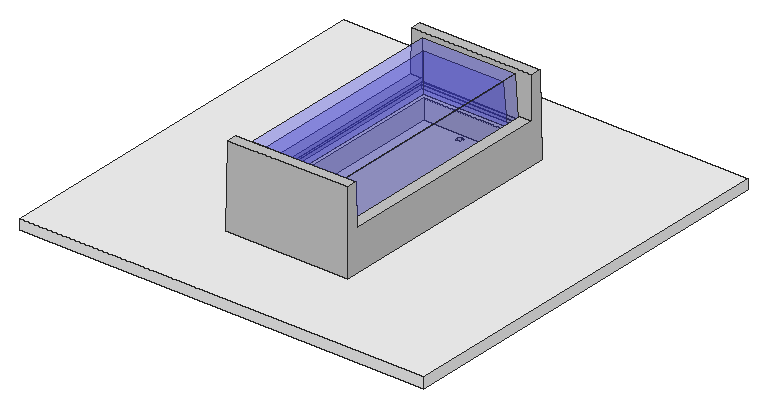
Revit family "BE_24342_de_DE", category Leuchten, Revit 2020
Family settings
  Basisbauteil = Fläche
  Bemaßung runder Anschluss = Durchmesser verwenden
  Teiletyp = Normal
  Beim Laden mit Abzugskörper schneiden = Ja
  Lichtquelle = Ja
  Gemeinsam genutzt = Nein
  Raumberechnungspunkt = Ja
Parameters (values of type "BEGA_24342_Grafit_K3")
  built-in parameter 1150104 = 17.029 (stored number, unit not read)
  Wattage = 5.7 W
  Default Elevation = 0 mm
  built-in parameter 1150113 = 1 (stored number, unit not read)
  built-in parameter 1114218 = 1 (stored number, unit not read)
  Umgebungstemperatur = "25 °C"
  URL = "https://www.bega.com/de/produkt/24342"
  Typenkommentare = "© 2022 BEGA. Wir behalten uns das Recht vor, technische Änderungen ohne vorherige Ankündigung vorzunehmen."  # constant formula
  Type Image = 24342.png
  built-in parameter 1150134 = (empty or 0)
  built-in parameter 1150109 = 1 (stored number, unit not read)
  Strom = ""
  built-in parameter 1150110 = 1 (stored number, unit not read)
  Spannung = 239.996 V
  Sonderanfertigung = no
  Seriennummer [instance] = "Hier können Sie die eindeutige Seriennummer für das Facility Management eintragen."
  Schutzklasse = "I"
  Schutzart = "IP 65"
  Scheinlast = 0 VA
  Produktdatenblatt = "https://cdn.bega.com/bega/products/24342K3/current/documents/data-sheets/de"
  Oberflächentemperatur = ""
  Neigungswinkel = 0.00°
  Modell = "24342K3"
  Material_17 = BEGA_Reflektor
  Material_15 = BEGA_Leuchtmedium_matt
  Material_11 = BEGA_Glas_opal
  Material_09 = BEGA_Glas_klar
  Material_06 = BEGA_Oberfläche_Edelstahl_gebürstet
  Material_03 = BEGA_Oberfläche_Weiss_matt
  Material_02 = BEGA_Oberfläche_Silber_matt
  Material_01 [instance] = BEGA_Oberfläche_Grafit_matt
  M_W = no
  M_G = yes
  M_A = no
  Logo = 0
  built-in parameter 1114217 = 1 (stored number, unit not read)
  built-in parameter 1150139 = (empty or 0)
  built-in parameter 1150105 = 83.143 (stored number, unit not read)
  built-in parameter 1150114 = 1 (stored number, unit not read)
  Lumens = 1044.81 lm
  built-in parameter 1150115 = 1 (stored number, unit not read)
  Leuchtenlichtstrom = "640 lm"
  Leuchtenanzahl = ""
  Lebensdauerkriterien = "L70B50 @ 25 °C = 170000 h"
  Lastklassifizierung = Beleuchtung
  built-in parameter 1150112 = 1 (stored number, unit not read)
  Lampenlichtstrom = "1045 lm"
  Lampe = "LED 5.7 W"
  LED_Modulbezeichnung = "LED-0995/830"
  built-in parameter 1150142 = (empty or 0)
  Hersteller = "BEGA"  # constant formula
  Halbstreuwinkel = ""
  Gewicht = "2.0 kg"
  Gebrauchslageneinschränkung [instance] = ""
  Frequenz = "0/50-60 Hz"
  Farbwiedergabeindex = "CRI > 80"
  Farbtemperaturverschiebung bei Dämpfen der Lampe = <Keine Auswahl>
  Farbtemperatur = "3000 K"
  Color Filter = 16777215
  built-in parameter 1150133 = 10 (stored number, unit not read)
  Energieeffizienzklasse = "LED A++ - A"
  built-in parameter 1150137 = (empty or 0)
  built-in parameter 1150132 = (empty or 0)
  ENEC = "ja"
  Datei für fotometrisches Netz = "BE_24342K3.IES"
  CE_Konformität = "ja"
  Bestellnummer = "24342K3"
  Beschreibung_Sonderanfertigung = "Hier können Sie Informationen zur Sonderanfertigung eintragen."
  Beschreibung = "Wandleuchte"
  built-in parameter 1150106 = 0.83143 (stored number, unit not read)
  Befestigungsbohrung = "Ø 4,8 mm"
  Befestigungsabstand = "188 mm"
  Ballwurfsicher = ""
  BEGA_Intern_aus = yes
  BEGA_Intern_an = yes
  BEGA_Intern_Konstruktion = yes
  BEGA_Intern = yes
  BEGA_IES = yes
  BEGA_Dummy = no
  Anschlussleitung = ""
  Anschlussleistung [instance] = "6.8 W"
  built-in parameter 1150107 = 3000 (stored number, unit not read)
  built-in parameter 1150102 = (empty or 0)
  built-in parameter 1150138 = (empty or 0)
  Aktualisierung = "2022-05-18T04:00:07"
  Abstand_zur_angestrahlten_Fläche [instance] = ""
  AC/DC = "AC/DC"
Types (4, lengths in mm): name | built-in parameter 1150104 | built-in parameter 1150134 | Modell | M_G | M_A | built-in parameter 1150105 | Lumens | Leuchtenlichtstrom | Lampenlichtstrom | LED_Modulbezeichnung | Farbtemperatur | Datei für fotometrisches Netz | Bestellnummer | built-in parameter 1150106 | built-in parameter 1150107
  BEGA_24342_Grafit_K4 | 17.93 (stored number, unit not read) | 12 | "24342K4" | yes | no | 87.543 (stored number, unit not read) | 1100.1 lm | "674 lm" | "1100 lm" | "LED-0995/840" | "4000 K" | "BE_24342K4.IES" | "24342K4" | 0.87543 (stored number, unit not read) | 4000 (stored number, unit not read)
  BEGA_24342_Grafit_K3 | 17.029 (stored number, unit not read) | (empty or 0) | "24342K3" | yes | no | 83.143 (stored number, unit not read) | 1044.81 lm | "640 lm" | "1045 lm" | "LED-0995/830" | "3000 K" | "BE_24342K3.IES" | "24342K3" | 0.83143 (stored number, unit not read) | 3000 (stored number, unit not read)
  BEGA_24342_Silber_K4 | 17.93 (stored number, unit not read) | 12 | "24342AK4" | no | yes | 87.543 (stored number, unit not read) | 1100.1 lm | "674 lm" | "1100 lm" | "LED-0995/840" | "4000 K" | "BE_24342K4.IES" | "24342AK4" | 0.87543 (stored number, unit not read) | 4000 (stored number, unit not read)
  BEGA_24342_Silber_K3 | 17.029 (stored number, unit not read) | (empty or 0) | "24342AK3" | no | yes | 83.143 (stored number, unit not read) | 1044.81 lm | "640 lm" | "1045 lm" | "LED-0995/830" | "3000 K" | "BE_24342K3.IES" | "24342AK3" | 0.83143 (stored number, unit not read) | 3000 (stored number, unit not read)
Reference planes
  plane 1 "Mitte (Vorne/Hinten)": y = 0
  plane 2: z = 0
  plane 3 "Mitte (Links/Rechts)": x = 0
  plane 4 "Links": x = -60.4
  plane 5 "Rechts": x = 60.4
  plane 6 "Unten": y = -120
  plane 7 "Oben": y = 120
  plane 8 "Vorne": z = 83
  plane 9 "Hinten": z = 0
Forms (mm)
  Extrusion 1, solid, material "BEGA_Platte_Weiss"
    sketch origin (0, -1119.2, 0) x (1, 0, 0) y (0, 1, 0)
      loop
        line (-200, 1319.2) -> (-200, 919.2) -> (200, 919.2) -> (200, 1319.2) -> (-200, 1319.2)
    from 0 to -10
  Extrusion 2, solid, material "BEGA_Dummy_matt", visible <- "BEGA_Dummy"
    sketch origin (80.095, -76.023, 0) x (1, 0, 0) y (0, 1, 0)
      loop
        line (-140.495, 196.023) -> (-140.495, -43.977) -> (-19.695, -43.977) -> (-19.695, 196.023) -> (-140.495, 196.023)
    from 0 to 83
Dimensions and locks
  plane 1 "Mitte (Vorne/Hinten)" to Extrusion 1 = 200 mm
  aligned and locked: plane 2 to Extrusion 1
  aligned and locked: level to Extrusion 1
Nested families
  nested 1: "BE_24342" at (0, 0, 0), type "BE_24342"
Connectors
  electrical at (0, 0, 0), driven by "Lastklassifizierung", driven by "Spannung", driven by "Scheinlast"
    settings: index 1, voltage 239.996 V, apparent load 0 VA, apparent load phase1 0 VA, apparent load phase2 0 VA, apparent load phase3 0 VA, power factor 1, load classification "Beleuchtung", number of poles 1, system type 31, power factor state 1, is connector primary yes, connector utility no, sub classification motor no, connector description ""
Definition of nested family "BE_24342"
  Parameters (values of type "BE_24342")
    Default Elevation = 1 mm
    URL = "http://www.bega.de/de/produkt"
    Type Comments = "© 2015 BEGA. Wir behalten uns das Recht vor, technische Änderungen ohne vorherige Ankündigung vorzunehmen. "  # constant formula
    Type Image = (empty or 0)
    Neigungswinkel_um_Z2 = 0.00°
    Neigungswinkel_um_Z1 = 0.00°
    Neigungswinkel_um_Y2 = 0.00°
    Neigungswinkel_um_Y1 = 0.00°
    Neigungswinkel_um_X2 = 0.00°
    Neigungswinkel_um_X1 = 0.00°
    Material_17 = none
    Material_15 = none
    Material_11 = none
    Material_09 = none
    Material_06 = none
    Material_02 = none
    Material_01 = none
    M_W = yes
    M_G = yes
    M_A = yes
    Länge_Platte = 200 mm  # constant formula
    Höhe_Platte = -10 mm  # constant formula
    Manufacturer = "BEGA"  # constant formula
    Drehwinkel_um_Z2 = 0.00°
    Drehwinkel_um_Z1 = 0.00°
    Breite_Platte = 200 mm  # constant formula
  Reference planes
    plane 1 "Mitte (Oben/Unten)": y = 0
    plane 2: z = 0
    plane 3 "Mitte (Links/Rechts)": x = 0
    plane 4 "Vorne": z = 83
    plane 5 "Hinten": z = -35
    plane 6 "Links": x = -60.4
    plane 7 "Rechts": x = 60.4
    plane 8: y = -120
    plane 9: y = 120
  Forms (mm)
    Extrusion 1, solid, detail levels medium
      sketch origin (0, 0, 0) x (1, 0, 0) y (0, 1, 0)
        loop
          line (-100, 100) -> (-100, -100) -> (100, -100) -> (100, 100) -> (-100, 100)
      from 0 to -10 <- "Höhe_Platte"
    Sweep 2, solid, material <- "Material_01", visible <- "M_G"
      path origin (0, 0, 0) x (1, 0, 0) y (0, 1, 0)
        loop
          line (-54.81, 114.41) -> (-54.81, -114.41) -> (54.81, -114.41) -> (54.81, 114.41) -> (-54.81, 114.41)
      profile origin (0, 114.41, 0) x (0, 1, 0) y (0, 0, 1)
        loop
          line (-0.441, 25.29) -> (-0.463, 26.5) -> (-3.27, 26.5) -> (-3.41, 30.5) -> (-13.172, 30.5) -> (-13.853, 11) -> (-49.234, 11) -> (-49.234, 8.6) -> (-11.535, 8.6) -> (-10.994, 24.1) -> (-6.587, 24.1) -> (-5.91, 4.7) -> (-2.564, 4.7) -> (-2.4, 0) -> (0, 0) -> (-0.441, 25.29)
    Extrusion 3, solid, material <- "Material_01", visible <- "M_G"
      sketch origin (0, 0, 0) x (1, 0, 0) y (0, 1, 0)
        loop
          line (-5.576, 65.176) -> (-5.576, -65.176) -> (5.576, -65.176) -> (5.576, 65.176) -> (-5.576, 65.176)
      from 8.6 to 11
    Sweep 4, solid, material <- "Material_11"
      path origin (0, 0, 0) x (1, 0, 0) y (0, 1, 0)
        loop
          line (-54.81, 114.41) -> (-54.81, -114.41) -> (54.81, -114.41) -> (54.81, 114.41) -> (-54.81, 114.41)
      profile origin (0, 114.41, 0) x (0, 1, 0) y (0, 0, 1)
        loop
          line (-2.66, 39.3) -> (-7.16, 39.3) -> (-8.588, 80.2) -> (-47.66, 80.2) -> (-47.66, 73.7) -> (-15.467, 73.7) -> (-13.349, 33.3) -> (-2.66, 33.3) -> (-2.66, 39.3)
    Extrusion 5, solid, material <- "Material_11"
      sketch origin (0, 0, 0) x (1, 0, 0) y (0, 1, 0)
        loop
          line (-7.15, 66.75) -> (-7.15, -66.75) -> (7.15, -66.75) -> (7.15, 66.75) -> (-7.15, 66.75)
      from 73.7 to 80.2
    Sweep 6, solid, material <- "Material_01", visible <- "M_G"
      path origin (0, 0, 0) x (1, 0, 0) y (0, 1, 0)
        loop
          line (-54.81, 114.41) -> (-54.81, -114.41) -> (54.81, -114.41) -> (54.81, 114.41) -> (-54.81, 114.41)
      profile origin (0, 114.41, 0) x (0, 1, 0) y (0, 0, 1)
        loop
          line (-6.379, 39.3) -> (1.439, 39.3) -> (2.39, 3) -> (5.59, 3) -> (4.194, 83) -> (-5.616, 83) -> (-6.379, 39.3)
    Sweep 7, solid, material <- "Material_02", visible <- "M_A"
      path origin (0, 0, 0) x (1, 0, 0) y (0, 1, 0)
        loop
          line (-54.81, 114.41) -> (-54.81, -114.41) -> (54.81, -114.41) -> (54.81, 114.41) -> (-54.81, 114.41)
      profile origin (0, 114.41, 0) x (0, 1, 0) y (0, 0, 1)
        loop
          line (-6.379, 39.3) -> (1.439, 39.3) -> (2.39, 3) -> (5.59, 3) -> (4.194, 83) -> (-5.616, 83) -> (-6.379, 39.3)
    Extrusion 8, void
      sketch origin (0, 0, 0) x (0, 1, 0) y (0, 0, 1)
        loop
          line (108.087, 42.5) -> (108.794, 83) -> (-108.794, 83) -> (-108.087, 42.5) -> (108.087, 42.5)
      from 48.017 to 65.996
    Extrusion 9, void
      sketch origin (0, 0, 0) x (0, 1, 0) y (0, 0, -1)
        loop
          line (108.087, -42.5) -> (-108.087, -42.5) -> (-108.794, -83) -> (108.794, -83) -> (108.087, -42.5)
      from 48.017 to 65.996
    Sweep 10, solid, material <- "Material_02", visible <- "M_A"
      path origin (0, 0, 0) x (1, 0, 0) y (0, 1, 0)
        loop
          line (-54.81, 114.41) -> (-54.81, -114.41) -> (54.81, -114.41) -> (54.81, 114.41) -> (-54.81, 114.41)
      profile origin (0, 114.41, 0) x (0, 1, 0) y (0, 0, 1)
        loop
          line (-0.441, 25.29) -> (-0.463, 26.5) -> (-3.27, 26.5) -> (-3.41, 30.5) -> (-13.172, 30.5) -> (-13.853, 11) -> (-49.234, 11) -> (-49.234, 8.6) -> (-11.535, 8.6) -> (-10.994, 24.1) -> (-6.587, 24.1) -> (-5.91, 4.7) -> (-2.564, 4.7) -> (-2.4, 0) -> (0, 0) -> (-0.441, 25.29)
    Extrusion 11, solid, material <- "Material_02", visible <- "M_A"
      sketch origin (0, 0, 0) x (1, 0, 0) y (0, 1, 0)
        loop
          line (-5.576, 65.176) -> (-5.576, -65.176) -> (5.576, -65.176) -> (5.576, 65.176) -> (-5.576, 65.176)
      from 8.6 to 11
    Extrusion 12, void
      sketch origin (0, 0, 0) x (1, 0, 0) y (0, 1, 0)
        loop
          circle (27.5, 15) r 5.001
        loop
          circle (27.5, -10) r 5.001
      from 2.226 to 17.972
    Extrusion 13, void
      sketch origin (0, 0, 0) x (1, 0, 0) y (0, 1, 0)
        loop
          circle (0, 94) r 2.737
        loop
          circle (0, -94.001) r 2.737
      from 0 to 17.972
  Cuts and joins
    Extrusion 12, Extrusion 13 cuts Sweep 2
    Extrusion 12, Extrusion 13 cuts Extrusion 3
    joined: Sweep 2, Extrusion 3
    Extrusion 8, Extrusion 12, Extrusion 13 cuts Sweep 4
    Extrusion 8, Extrusion 12, Extrusion 13 cuts Extrusion 5
    joined: Sweep 4, Extrusion 5
    Extrusion 8, Extrusion 9 cuts Sweep 6
    Extrusion 8, Extrusion 9 cuts Sweep 7
    Extrusion 12, Extrusion 13 cuts Sweep 10
    Extrusion 12, Extrusion 13 cuts Extrusion 11
    joined: Sweep 10, Extrusion 11
  Dimensions and locks
    equal spacing: Extrusion 1 sketch curve, plane 3 "Mitte (Links/Rechts)", Extrusion 1 sketch curve
    equal spacing: Extrusion 1 sketch curve, plane 1 "Mitte (Oben/Unten)", Extrusion 1 sketch curve
    "Länge_Platte": Extrusion 1 sketch curve to Extrusion 1 sketch curve
    "Breite_Platte": Extrusion 1 sketch curve to Extrusion 1 sketch curve
    aligned and locked: plane 2 to Extrusion 1
    aligned and locked: level to Extrusion 1
  Automatic sketch dimensions
    Sweep 2 sketch curve to plane 3 "Mitte (Links/Rechts)" = 54.81 mm
    plane 3 "Mitte (Links/Rechts)" to Sweep 2 sketch curve = 54.81 mm
    Sweep 2 sketch curve to level = 0 mm
    Sweep 2 sketch curve to profile plane = 0 mm
    profile plane to Sweep 2 sketch curve = 0.463 mm
    profile plane to Sweep 2 sketch curve = 2.4 mm
    profile plane to Sweep 2 sketch curve = 2.564 mm
    Sweep 2 sketch curve to Sweep 2 sketch curve = 2.808 mm
    profile plane to Sweep 2 sketch curve = 3.41 mm
    Sweep 2 sketch curve to Sweep 2 sketch curve = 3.345 mm
    Sweep 2 sketch curve to Sweep 2 sketch curve = 3.317 mm
    Sweep 2 sketch curve to Sweep 2 sketch curve = 4.407 mm
    Sweep 2 sketch curve to Sweep 2 sketch curve = 5.625 mm
    Sweep 2 sketch curve to Sweep 2 sketch curve = 2.178 mm
    Sweep 2 sketch curve to Sweep 2 sketch curve = 2.318 mm
    level to Sweep 2 sketch curve = 8.6 mm
    Sweep 2 sketch curve to Sweep 2 sketch curve = 35.381 mm
    level to Sweep 2 sketch curve = 4.7 mm
    Sweep 2 sketch curve to Sweep 2 sketch curve = 2.4 mm  (x2)
    Sweep 2 sketch curve to Sweep 2 sketch curve = 13.1 mm
    Sweep 2 sketch curve to Sweep 2 sketch curve = 4 mm
    profile plane to Sweep 2 sketch curve = 0.441 mm
    Sweep 2 sketch curve to Sweep 2 sketch curve = 0 mm
    Sweep 2 sketch curve to Sweep 2 sketch curve = 1.21 mm
    Sweep 2 sketch curve to Sweep 2 sketch curve = 0.002 mm
    Extrusion 3 sketch curve to plane 3 "Mitte (Links/Rechts)" = 5.576 mm
    plane 3 "Mitte (Links/Rechts)" to Extrusion 3 sketch curve = 5.576 mm
    plane 1 "Mitte (Oben/Unten)" to Extrusion 3 sketch curve = 65.176 mm
    Extrusion 3 sketch curve to plane 1 "Mitte (Oben/Unten)" = 65.176 mm
    Sweep 4 sketch curve to plane 3 "Mitte (Links/Rechts)" = 54.81 mm
    plane 3 "Mitte (Links/Rechts)" to Sweep 4 sketch curve = 54.81 mm
    profile plane to Sweep 4 sketch curve = 47.66 mm
    profile plane to Sweep 4 sketch curve = 15.467 mm
    profile plane to Sweep 4 sketch curve = 13.349 mm
    profile plane to Sweep 4 sketch curve = 8.588 mm
    profile plane to Sweep 4 sketch curve = 7.16 mm
    profile plane to Sweep 4 sketch curve = 2.66 mm
    level to Sweep 4 sketch curve = 33.3 mm
    Sweep 4 sketch curve to Sweep 4 sketch curve = 6 mm
    Sweep 4 sketch curve to Sweep 4 sketch curve = 40.4 mm
    Sweep 4 sketch curve to Sweep 4 sketch curve = 6.5 mm
    Extrusion 5 sketch curve to plane 3 "Mitte (Links/Rechts)" = 7.15 mm
    plane 3 "Mitte (Links/Rechts)" to Extrusion 5 sketch curve = 7.15 mm
    plane 1 "Mitte (Oben/Unten)" to Extrusion 5 sketch curve = 66.75 mm
    Extrusion 5 sketch curve to plane 1 "Mitte (Oben/Unten)" = 66.75 mm
    Sweep 6 sketch curve to plane 3 "Mitte (Links/Rechts)" = 54.81 mm
    plane 3 "Mitte (Links/Rechts)" to Sweep 6 sketch curve = 54.81 mm
    profile plane to Sweep 6 sketch curve = 6.379 mm
    profile plane to Sweep 6 sketch curve = 5.616 mm
    Sweep 6 sketch curve to profile plane = 1.439 mm
    Sweep 6 sketch curve to profile plane = 2.39 mm
    Sweep 6 sketch curve to profile plane = 4.194 mm
    Sweep 6 sketch curve to Sweep 6 sketch curve = 3.2 mm
    level to Sweep 6 sketch curve = 3 mm
    Sweep 6 sketch curve to Sweep 6 sketch curve = 36.3 mm
    Sweep 6 sketch curve to Sweep 6 sketch curve = 43.7 mm
    Sweep 7 sketch curve to plane 3 "Mitte (Links/Rechts)" = 54.81 mm
    plane 3 "Mitte (Links/Rechts)" to Sweep 7 sketch curve = 54.81 mm
    profile plane to Sweep 7 sketch curve = 6.379 mm
    profile plane to Sweep 7 sketch curve = 5.616 mm
    Sweep 7 sketch curve to profile plane = 1.439 mm
    Sweep 7 sketch curve to profile plane = 2.39 mm
    Sweep 7 sketch curve to profile plane = 4.194 mm
    Sweep 7 sketch curve to Sweep 7 sketch curve = 3.2 mm
    level to Sweep 7 sketch curve = 3 mm
    Sweep 7 sketch curve to Sweep 7 sketch curve = 36.3 mm
    Sweep 7 sketch curve to Sweep 7 sketch curve = 43.7 mm
    level to Extrusion 8 sketch curve = 42.5 mm
    Extrusion 8 sketch curve to Extrusion 8 sketch curve = 0.707 mm  (x2)
    Extrusion 8 sketch curve to Extrusion 8 sketch curve = 40.5 mm
    level to Extrusion 9 sketch curve = 42.5 mm
    Extrusion 9 sketch curve to Extrusion 9 sketch curve = 0.707 mm  (x2)
    Extrusion 9 sketch curve to Extrusion 9 sketch curve = 40.5 mm
    Sweep 10 sketch curve to plane 3 "Mitte (Links/Rechts)" = 54.81 mm
    plane 3 "Mitte (Links/Rechts)" to Sweep 10 sketch curve = 54.81 mm
    Sweep 10 sketch curve to level = 0 mm
    Sweep 10 sketch curve to profile plane = 0 mm
    profile plane to Sweep 10 sketch curve = 0.463 mm
    profile plane to Sweep 10 sketch curve = 2.4 mm
    profile plane to Sweep 10 sketch curve = 2.564 mm
    Sweep 10 sketch curve to Sweep 10 sketch curve = 2.808 mm
    profile plane to Sweep 10 sketch curve = 3.41 mm
    Sweep 10 sketch curve to Sweep 10 sketch curve = 3.345 mm
    Sweep 10 sketch curve to Sweep 10 sketch curve = 3.317 mm
    Sweep 10 sketch curve to Sweep 10 sketch curve = 4.407 mm
    Sweep 10 sketch curve to Sweep 10 sketch curve = 5.625 mm
    Sweep 10 sketch curve to Sweep 10 sketch curve = 2.178 mm
    Sweep 10 sketch curve to Sweep 10 sketch curve = 2.318 mm
    level to Sweep 10 sketch curve = 8.6 mm
    Sweep 10 sketch curve to Sweep 10 sketch curve = 35.381 mm
    level to Sweep 10 sketch curve = 4.7 mm
    Sweep 10 sketch curve to Sweep 10 sketch curve = 2.4 mm  (x2)
    Sweep 10 sketch curve to Sweep 10 sketch curve = 13.1 mm
    Sweep 10 sketch curve to Sweep 10 sketch curve = 4 mm
    profile plane to Sweep 10 sketch curve = 0.441 mm
    Sweep 10 sketch curve to Sweep 10 sketch curve = 0 mm
    Sweep 10 sketch curve to Sweep 10 sketch curve = 1.21 mm
    Sweep 10 sketch curve to Sweep 10 sketch curve = 0.002 mm
    Extrusion 11 sketch curve to plane 3 "Mitte (Links/Rechts)" = 5.576 mm
    plane 3 "Mitte (Links/Rechts)" to Extrusion 11 sketch curve = 5.576 mm
    plane 1 "Mitte (Oben/Unten)" to Extrusion 11 sketch curve = 65.176 mm
    Extrusion 11 sketch curve to plane 1 "Mitte (Oben/Unten)" = 65.176 mm
    plane 1 "Mitte (Oben/Unten)" to Extrusion 12 sketch curve = 10 mm
    plane 3 "Mitte (Links/Rechts)" to Extrusion 12 sketch curve = 27.5 mm
    Extrusion 12 sketch curve to Extrusion 12 sketch curve = 0 mm
    Extrusion 12 sketch curve to plane 1 "Mitte (Oben/Unten)" = 15 mm
    plane 1 "Mitte (Oben/Unten)" to Sweep 2 sketch curve = 114.41 mm
    plane 1 "Mitte (Oben/Unten)" to Sweep 4 sketch curve = 114.41 mm
    plane 1 "Mitte (Oben/Unten)" to Sweep 6 sketch curve = 114.41 mm
    plane 1 "Mitte (Oben/Unten)" to Sweep 7 sketch curve = 114.41 mm
    plane 1 "Mitte (Oben/Unten)" to Extrusion 8 sketch curve = 108.087 mm
    plane 1 "Mitte (Oben/Unten)" to Extrusion 9 sketch curve = 108.087 mm
    plane 1 "Mitte (Oben/Unten)" to Sweep 10 sketch curve = 114.41 mm
    Sweep 2 sketch curve to plane 1 "Mitte (Oben/Unten)" = 114.41 mm
    Sweep 4 sketch curve to plane 1 "Mitte (Oben/Unten)" = 114.41 mm
    Sweep 6 sketch curve to plane 1 "Mitte (Oben/Unten)" = 114.41 mm
    Sweep 7 sketch curve to plane 1 "Mitte (Oben/Unten)" = 114.41 mm
    Extrusion 8 sketch curve to plane 1 "Mitte (Oben/Unten)" = 108.087 mm
    Extrusion 9 sketch curve to plane 1 "Mitte (Oben/Unten)" = 108.087 mm
    Sweep 10 sketch curve to plane 1 "Mitte (Oben/Unten)" = 114.41 mm
    Extrusion 13 sketch curve to plane 3 "Mitte (Links/Rechts)" = 0 mm  (x2)
    plane 8 to Extrusion 13 sketch curve = 25.999 mm
    Extrusion 13 sketch curve to plane 9 = 26 mm
    radius of Extrusion 12 sketch curve = 5.001 mm  (x2)
    radius of Extrusion 13 sketch curve = 2.737 mm  (x2)
